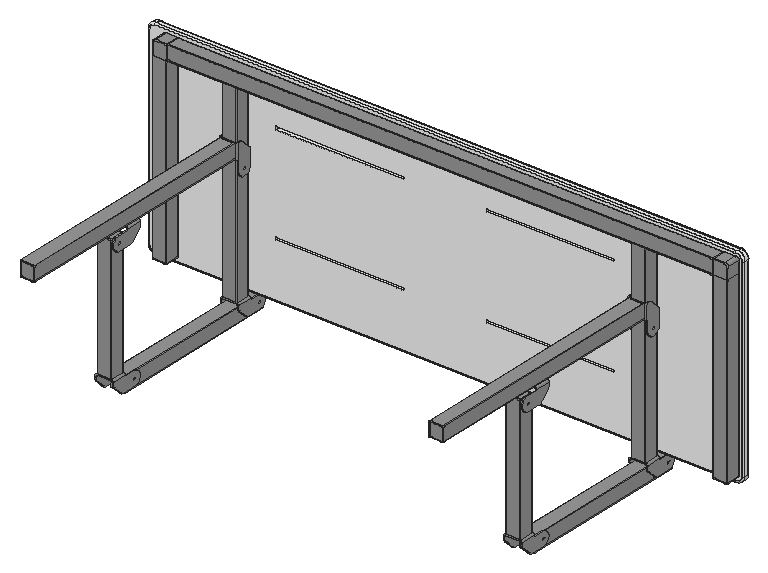
Revit family "Care Support Shower Seat", category Specialty Equipment, host Face, Revit 2020
Family settings
  Host = Face
  Round Connector Dimension = Use Radius
  Part Type = Normal
  OmniClass Number = 23.40.20.21.47
  OmniClass Title = Bath Grab Bars
  Cut with Voids When Loaded = No
  Shared = No
  Room Calculation Point = No
Parameters (values of type "CARE SUPPORT SHOWER SEAT - WHITE")
  URL = "https://www.caroma.com.au/"
  Model = "687397W"
  Material_Frame = GWA-Metal
  Material_Seat = GWA-Plastic-White
  Manufacturer = "GWA Bathrooms & Kitchens"  # constant formula
  Description = "CARE SUPPORT SHOWER SEAT - WHITE"
  Default Elevation = 1000 mm
  CreatedBy_ANZRS = "GWA Bathrooms & Kitchens"  # constant formula
  Assembly Code = "C1030220"
Reference planes
  plane 1 "Center (Front/Back)": y = 0
  plane 2: z = 0
  plane 3 "Center (Left/Right)": x = 0
Forms (mm)
  Extrusion 1, solid, material "GWA-Metal" <- "Material_Frame"
    sketch origin (363.8, 229.529, -11.779) x (0, 1, 0) y (0, 0, 1)
      loop
        line (-20.279, 39.529) -> (-38.029, 39.529)
        arc (-38.029, 39.529) -> (-39.09, 39.968) -> (-39.529, 41.029) r 1.5
        line (-39.529, 41.029) -> (-64.529, 41.029) -> (-64.529, 38.171)
        arc (-64.529, 38.171) -> (-63.768, 34.344) -> (-61.6, 31.1) r 10
        line (-61.6, 31.1) -> (-49.458, 18.958)
        arc (-49.458, 18.958) -> (-46.214, 16.79) -> (-42.387, 16.029) r 10
        line (-42.387, 16.029) -> (-20.279, 16.029)
        arc (-20.279, 16.029) -> (-8.529, 27.779) -> (-20.279, 39.529) r 11.75
      loop
        circle (-20.279, 27.779) r 3.1
    from 2 to 0
  Extrusion 2, solid, material "GWA-Metal" <- "Material_Frame"
    sketch origin (124.565, 0, -43.292) x (1, 0, 0) y (0, 0, 1)
      loop
        line (237.235, 76.542) -> (213.635, 76.542)
        arc (213.635, 76.542) -> (210.807, 75.37) -> (209.635, 72.542) r 4
        line (209.635, 72.542) -> (211.635, 72.542)
        arc (211.635, 72.542) -> (212.221, 73.956) -> (213.635, 74.542) r 2
        line (213.635, 74.542) -> (237.235, 74.542)
        arc (237.235, 74.542) -> (238.65, 73.956) -> (239.235, 72.542) r 2
        line (239.235, 72.542) -> (241.235, 72.542)
        arc (241.235, 72.542) -> (240.064, 75.37) -> (237.235, 76.542) r 4
    from -190 to -165
  Extrusion 3, solid, material "GWA-Metal" <- "Material_Frame"
    sketch origin (334.2, 229.529, -11.779) x (0, 1, 0) y (0, 0, 1)
      loop
        line (-20.279, 39.529) -> (-38.029, 39.529)
        arc (-38.029, 39.529) -> (-39.09, 39.968) -> (-39.529, 41.029) r 1.5
        line (-39.529, 41.029) -> (-64.529, 41.029) -> (-64.529, 38.171)
        arc (-64.529, 38.171) -> (-63.768, 34.344) -> (-61.6, 31.1) r 10
        line (-61.6, 31.1) -> (-49.458, 18.958)
        arc (-49.458, 18.958) -> (-46.214, 16.79) -> (-42.387, 16.029) r 10
        line (-42.387, 16.029) -> (-20.279, 16.029)
        arc (-20.279, 16.029) -> (-8.529, 27.779) -> (-20.279, 39.529) r 11.75
      loop
        circle (-20.279, 27.779) r 3.1
    from 2 to 0
  Extrusion 4, solid, material "GWA-Metal" <- "Material_Frame"
    sketch origin (293.112, 110.999, -264.5) x (1, 0, 0) y (0, 1, 0)
      loop
        arc (45.388, 79.001) -> (44.681, 78.708) -> (44.388, 78.001) r 1
        line (44.388, 78.001) -> (44.388, 55.001)
        arc (44.388, 55.001) -> (44.681, 54.294) -> (45.388, 54.001) r 1
        line (45.388, 54.001) -> (68.388, 54.001)
        arc (68.388, 54.001) -> (69.095, 54.294) -> (69.388, 55.001) r 1
        line (69.388, 55.001) -> (69.388, 78.001)
        arc (69.388, 78.001) -> (69.095, 78.708) -> (68.388, 79.001) r 1
        line (68.388, 79.001) -> (45.388, 79.001)
    from 511.75 to 297.75
  Extrusion 5, solid, material "GWA-Metal" <- "Material_Frame"
    sketch origin (293.112, 0, -24.501) x (1, 0, 0) y (0, 0, -1)
      loop
        line (45.388, -49.501) -> (68.388, -49.501)
        arc (68.388, -49.501) -> (69.095, -49.208) -> (69.388, -48.501) r 1
        line (69.388, -48.501) -> (69.388, -25.501)
        arc (69.388, -25.501) -> (69.095, -24.794) -> (68.388, -24.501) r 1
        line (68.388, -24.501) -> (45.388, -24.501)
        arc (45.388, -24.501) -> (44.681, -24.794) -> (44.388, -25.501) r 1
        line (44.388, -25.501) -> (44.388, -48.501)
        arc (44.388, -48.501) -> (44.681, -49.208) -> (45.388, -49.501) r 1
    from 489 to 195
  Extrusion 6, solid, material "GWA-Metal" <- "Material_Frame"
    sketch origin (293.112, 0, 230.499) x (1, 0, 0) y (0, 0, -1)
      loop
        line (45.388, -49.501) -> (68.388, -49.501)
        arc (68.388, -49.501) -> (69.095, -49.208) -> (69.388, -48.501) r 1
        line (69.388, -48.501) -> (69.388, -25.501)
        arc (69.388, -25.501) -> (69.095, -24.794) -> (68.388, -24.501) r 1
        line (68.388, -24.501) -> (45.388, -24.501)
        arc (45.388, -24.501) -> (44.681, -24.794) -> (44.388, -25.501) r 1
        line (44.388, -25.501) -> (44.388, -48.501)
        arc (44.388, -48.501) -> (44.681, -49.208) -> (45.388, -49.501) r 1
    from 428.25 to 1
  Extrusion 7, solid, material "GWA-Metal" <- "Material_Frame"
    sketch origin (293.112, 378.999, -264.5) x (1, 0, 0) y (0, 1, 0)
      loop
        arc (45.388, 79.001) -> (44.681, 78.708) -> (44.388, 78.001) r 1
        line (44.388, 78.001) -> (44.388, 55.001)
        arc (44.388, 55.001) -> (44.681, 54.294) -> (45.388, 54.001) r 1
        line (45.388, 54.001) -> (68.388, 54.001)
        arc (68.388, 54.001) -> (69.095, 54.294) -> (69.388, 55.001) r 1
        line (69.388, 55.001) -> (69.388, 78.001)
        arc (69.388, 78.001) -> (69.095, 78.708) -> (68.388, 79.001) r 1
        line (68.388, 79.001) -> (45.388, 79.001)
    from 627 to 297.75
  Extrusion 8, solid, material "GWA-Metal" <- "Material_Frame"
    sketch origin (363.8, 497.529, -11.779) x (0, 1, 0) y (0, 0, 1)
      loop
        line (-20.279, 39.529) -> (-38.029, 39.529)
        arc (-38.029, 39.529) -> (-39.09, 39.968) -> (-39.529, 41.029) r 1.5
        line (-39.529, 41.029) -> (-64.529, 41.029) -> (-64.529, 38.171)
        arc (-64.529, 38.171) -> (-63.768, 34.344) -> (-61.6, 31.1) r 10
        line (-61.6, 31.1) -> (-49.458, 18.958)
        arc (-49.458, 18.958) -> (-46.214, 16.79) -> (-42.387, 16.029) r 10
        line (-42.387, 16.029) -> (-20.279, 16.029)
        arc (-20.279, 16.029) -> (-8.529, 27.779) -> (-20.279, 39.529) r 11.75
      loop
        circle (-20.279, 27.779) r 3.1
    from 2 to 0
  Extrusion 9, solid, material "GWA-Metal" <- "Material_Frame"
    sketch origin (334.2, 497.529, -11.779) x (0, 1, 0) y (0, 0, 1)
      loop
        line (-20.279, 39.529) -> (-38.029, 39.529)
        arc (-38.029, 39.529) -> (-39.09, 39.968) -> (-39.529, 41.029) r 1.5
        line (-39.529, 41.029) -> (-64.529, 41.029) -> (-64.529, 38.171)
        arc (-64.529, 38.171) -> (-63.768, 34.344) -> (-61.6, 31.1) r 10
        line (-61.6, 31.1) -> (-49.458, 18.958)
        arc (-49.458, 18.958) -> (-46.214, 16.79) -> (-42.387, 16.029) r 10
        line (-42.387, 16.029) -> (-20.279, 16.029)
        arc (-20.279, 16.029) -> (-8.529, 27.779) -> (-20.279, 39.529) r 11.75
      loop
        circle (-20.279, 27.779) r 3.1
    from 2 to 0
  Extrusion 10, solid, material "GWA-Metal" <- "Material_Frame"
    sketch origin (124.565, 0, -43.292) x (1, 0, 0) y (0, 0, 1)
      loop
        line (237.235, 76.542) -> (213.635, 76.542)
        arc (213.635, 76.542) -> (210.807, 75.37) -> (209.635, 72.542) r 4
        line (209.635, 72.542) -> (211.635, 72.542)
        arc (211.635, 72.542) -> (212.221, 73.956) -> (213.635, 74.542) r 2
        line (213.635, 74.542) -> (237.235, 74.542)
        arc (237.235, 74.542) -> (238.65, 73.956) -> (239.235, 72.542) r 2
        line (239.235, 72.542) -> (241.235, 72.542)
        arc (241.235, 72.542) -> (240.064, 75.37) -> (237.235, 76.542) r 4
    from -458 to -433
  Extrusion 11, solid, material "GWA-Metal" <- "Material_Frame"
    sketch origin (363.8, 473.279, 215.471) x (0, 0, -1) y (0, 1, 0)
      loop
        arc (-20.279, -39.529) -> (-8.529, -27.779) -> (-20.279, -16.029) r 11.75
        line (-20.279, -16.029) -> (-42.387, -16.029)
        arc (-42.387, -16.029) -> (-46.214, -16.79) -> (-49.458, -18.958) r 10
        line (-49.458, -18.958) -> (-61.6, -31.1)
        arc (-61.6, -31.1) -> (-63.768, -34.344) -> (-64.529, -38.171) r 10
        line (-64.529, -38.171) -> (-64.529, -41.029) -> (-39.529, -41.029)
        arc (-39.529, -41.029) -> (-39.09, -39.968) -> (-38.029, -39.529) r 1.5
        line (-38.029, -39.529) -> (-20.279, -39.529)
      loop
        circle (-20.279, -27.779) r 3.1
    from 2 to 0
  Extrusion 12, solid, material "GWA-Metal" <- "Material_Frame"
    sketch origin (124.565, 504.792, 445) x (1, 0, 0) y (0, 1, 0)
      loop
        arc (237.235, -76.542) -> (240.064, -75.37) -> (241.235, -72.542) r 4
        line (241.235, -72.542) -> (239.235, -72.542)
        arc (239.235, -72.542) -> (238.65, -73.956) -> (237.235, -74.542) r 2
        line (237.235, -74.542) -> (213.635, -74.542)
        arc (213.635, -74.542) -> (212.221, -73.956) -> (211.635, -72.542) r 2
        line (211.635, -72.542) -> (209.635, -72.542)
        arc (209.635, -72.542) -> (210.807, -75.37) -> (213.635, -76.542) r 4
        line (213.635, -76.542) -> (237.235, -76.542)
    from -190 to -165
  Extrusion 13, solid, material "GWA-Metal" <- "Material_Frame"
    sketch origin (334.2, 473.279, 215.471) x (0, 0, -1) y (0, 1, 0)
      loop
        arc (-20.279, -39.529) -> (-8.529, -27.779) -> (-20.279, -16.029) r 11.75
        line (-20.279, -16.029) -> (-42.387, -16.029)
        arc (-42.387, -16.029) -> (-46.214, -16.79) -> (-49.458, -18.958) r 10
        line (-49.458, -18.958) -> (-61.6, -31.1)
        arc (-61.6, -31.1) -> (-63.768, -34.344) -> (-64.529, -38.171) r 10
        line (-64.529, -38.171) -> (-64.529, -41.029) -> (-39.529, -41.029)
        arc (-39.529, -41.029) -> (-39.09, -39.968) -> (-38.029, -39.529) r 1.5
        line (-38.029, -39.529) -> (-20.279, -39.529)
      loop
        circle (-20.279, -27.779) r 3.1
    from 2 to 0
  Extrusion 14, solid, material "GWA-Metal" <- "Material_Frame"
    sketch origin (363.8, 157.221, 209.971) x (0, -1, 0) y (0, 0, -1)
      loop
        arc (-20.279, -39.529) -> (-8.529, -27.779) -> (-20.279, -16.029) r 11.75
        line (-20.279, -16.029) -> (-42.387, -16.029)
        arc (-42.387, -16.029) -> (-46.214, -16.79) -> (-49.458, -18.958) r 10
        line (-49.458, -18.958) -> (-61.6, -31.1)
        arc (-61.6, -31.1) -> (-63.768, -34.344) -> (-64.529, -38.171) r 10
        line (-64.529, -38.171) -> (-64.529, -41.029) -> (-39.529, -41.029)
        arc (-39.529, -41.029) -> (-39.09, -39.968) -> (-38.029, -39.529) r 1.5
        line (-38.029, -39.529) -> (-20.279, -39.529)
      loop
        circle (-20.279, -27.779) r 3.1
    from 2 to 0
  Extrusion 15, solid, material "GWA-Metal" <- "Material_Frame"
    sketch origin (124.565, 386.75, 178.458) x (1, 0, 0) y (0, 0, -1)
      loop
        arc (237.235, -76.542) -> (240.064, -75.37) -> (241.235, -72.542) r 4
        line (241.235, -72.542) -> (239.235, -72.542)
        arc (239.235, -72.542) -> (238.65, -73.956) -> (237.235, -74.542) r 2
        line (237.235, -74.542) -> (213.635, -74.542)
        arc (213.635, -74.542) -> (212.221, -73.956) -> (211.635, -72.542) r 2
        line (211.635, -72.542) -> (209.635, -72.542)
        arc (209.635, -72.542) -> (210.807, -75.37) -> (213.635, -76.542) r 4
        line (213.635, -76.542) -> (237.235, -76.542)
    from -190 to -165
  Extrusion 16, solid, material "GWA-Metal" <- "Material_Frame"
    sketch origin (334.2, 157.221, 209.971) x (0, -1, 0) y (0, 0, -1)
      loop
        arc (-20.279, -39.529) -> (-8.529, -27.779) -> (-20.279, -16.029) r 11.75
        line (-20.279, -16.029) -> (-42.387, -16.029)
        arc (-42.387, -16.029) -> (-46.214, -16.79) -> (-49.458, -18.958) r 10
        line (-49.458, -18.958) -> (-61.6, -31.1)
        arc (-61.6, -31.1) -> (-63.768, -34.344) -> (-64.529, -38.171) r 10
        line (-64.529, -38.171) -> (-64.529, -41.029) -> (-39.529, -41.029)
        arc (-39.529, -41.029) -> (-39.09, -39.968) -> (-38.029, -39.529) r 1.5
        line (-38.029, -39.529) -> (-20.279, -39.529)
      loop
        circle (-20.279, -27.779) r 3.1
    from 2 to 0
  Extrusion 17, solid, material "GWA-Metal" <- "Material_Frame"
    sketch origin (20, 0, 0) x (1, 0, 0) y (0, 1, 0)
      loop
        arc (458.5, 458) -> (457.793, 457.707) -> (457.5, 457) r 1
        line (457.5, 457) -> (457.5, 434)
        arc (457.5, 434) -> (457.793, 433.293) -> (458.5, 433) r 1
        line (458.5, 433) -> (481.5, 433)
        arc (481.5, 433) -> (482.207, 433.293) -> (482.5, 434) r 1
        line (482.5, 434) -> (482.5, 457)
        arc (482.5, 457) -> (482.207, 457.707) -> (481.5, 458) r 1
        line (481.5, 458) -> (458.5, 458)
    from 51 to 362.5
  Extrusion 18, solid, material "GWA-Metal" <- "Material_Frame"
    sketch origin (0, 0, 0) x (1, 0, 0) y (0, 1, 0)
      loop
        arc (-481.5, 458) -> (-482.207, 457.707) -> (-482.5, 457) r 1
        line (-482.5, 457) -> (-482.5, 434)
        arc (-482.5, 434) -> (-482.207, 433.293) -> (-481.5, 433) r 1
        line (-481.5, 433) -> (-458.5, 433)
        arc (-458.5, 433) -> (-457.793, 433.293) -> (-457.5, 434) r 1
        line (-457.5, 434) -> (-457.5, 457)
        arc (-457.5, 457) -> (-457.793, 457.707) -> (-458.5, 458) r 1
        line (-458.5, 458) -> (-481.5, 458)
    from 362.5 to 51
  Extrusion 19, solid, material "GWA-Metal" <- "Material_Frame"
    sketch origin (0, 0, -117.765) x (0, 1, 0) y (0, 0, 1)
      loop
        arc (458, 504.265) -> (457.707, 504.972) -> (457, 505.265) r 1
        line (457, 505.265) -> (434, 505.265)
        arc (434, 505.265) -> (433.293, 504.972) -> (433, 504.265) r 1
        line (433, 504.265) -> (433, 481.265)
        arc (433, 481.265) -> (433.293, 480.558) -> (434, 480.265) r 1
        line (434, 480.265) -> (457, 480.265)
        arc (457, 480.265) -> (457.707, 480.558) -> (458, 481.265) r 1
        line (458, 481.265) -> (458, 504.265)
    from 477.5 to -457.5
  Sweep 20, solid, material "GWA-Metal" <- "Material_Frame"
    path origin (0, 0, -117.765) x (1, 0, 0) y (0, 0, 1)
      loop
        line (-482.5, 480.265) -> (-482.5, 500.265)
        arc (-482.5, 500.265) -> (-481.036, 503.8) -> (-477.5, 505.265) r 5
        line (-477.5, 505.265) -> (-457.5, 505.265)
    profile origin (-467.5, 0, 387.5) x (0, 0, 1) y (0, -1, 0)
      loop
        arc (-1, -458) -> (-0.293, -457.707) -> (0, -457) r 1
        line (0, -457) -> (0, -434)
        arc (0, -434) -> (-0.293, -433.293) -> (-1, -433) r 1
        line (-1, -433) -> (-1, -458)
  Extrusion 21, solid, material "GWA-Metal" <- "Material_Frame"
    sketch origin (0, 0, -117.765) x (1, 0, 0) y (0, 0, 1)
      loop
        line (-481.5, 500.265) -> (-481.5, 480.265) -> (-458.5, 480.265)
        arc (-458.5, 480.265) -> (-458.207, 480.972) -> (-457.5, 481.265) r 1
        line (-457.5, 481.265) -> (-457.5, 504.265) -> (-477.5, 504.265)
        arc (-477.5, 504.265) -> (-480.328, 503.093) -> (-481.5, 500.265) r 4
    from -458 to -433
  Revolve 22, solid, material "GWA-Metal" <- "Material_Frame"
    sketch origin (0, 0, 362.5) x (-1, 0, 0) y (0, -1, 0)
      loop
        arc (458.5, -433) -> (457.793, -433.293) -> (457.5, -434) r 1
        line (457.5, -434) -> (458.5, -434) -> (458.5, -433)
      axis (457.5, -433) -> (457.5, -434)
    angle from 270 to 360
  Revolve 23, solid, material "GWA-Metal" <- "Material_Frame"
    sketch origin (0, 891, 362.5) x (-1, 0, 0) y (0, 1, 0)
      loop
        arc (458.5, -433) -> (457.793, -433.293) -> (457.5, -434) r 1
        line (457.5, -434) -> (458.5, -434) -> (458.5, -433)
      axis (457.5, -433) -> (457.5, -434)
    angle from 270 to 360
  Sweep 24, solid, material "GWA-Metal" <- "Material_Frame"
    path origin (20, 0, -117.765) x (-1, 0, 0) y (0, 0, 1)
      loop
        line (-482.5, 480.265) -> (-482.5, 500.265)
        arc (-482.5, 500.265) -> (-481.036, 503.8) -> (-477.5, 505.265) r 5
        line (-477.5, 505.265) -> (-457.5, 505.265)
    profile origin (487.5, 0, 387.5) x (0, 0, -1) y (0, -1, 0)
      loop
        line (1, -458) -> (1, -433)
        arc (1, -433) -> (0.293, -433.293) -> (0, -434) r 1
        line (0, -434) -> (0, -457)
        arc (0, -457) -> (0.293, -457.707) -> (1, -458) r 1
  Extrusion 25, solid, material "GWA-Metal" <- "Material_Frame"
    sketch origin (20, 0, -117.765) x (-1, 0, 0) y (0, 0, -1)
      loop
        arc (-481.5, -500.265) -> (-480.328, -503.093) -> (-477.5, -504.265) r 4
        line (-477.5, -504.265) -> (-457.5, -504.265) -> (-457.5, -481.265)
        arc (-457.5, -481.265) -> (-458.207, -480.972) -> (-458.5, -480.265) r 1
        line (-458.5, -480.265) -> (-481.5, -480.265) -> (-481.5, -500.265)
    from -458 to -433
  Revolve 26, solid, material "GWA-Metal" <- "Material_Frame"
    sketch origin (20, 0, 362.5) x (1, 0, 0) y (0, -1, 0)
      loop
        arc (458.5, -433) -> (457.793, -433.293) -> (457.5, -434) r 1
        line (457.5, -434) -> (458.5, -434) -> (458.5, -433)
      axis (457.5, -433) -> (457.5, -434)
    angle from 270 to 360
  Revolve 27, solid, material "GWA-Metal" <- "Material_Frame"
    sketch origin (20, 891, 362.5) x (1, 0, 0) y (0, 1, 0)
      loop
        arc (458.5, -433) -> (457.793, -433.293) -> (457.5, -434) r 1
        line (457.5, -434) -> (458.5, -434) -> (458.5, -433)
      axis (457.5, -433) -> (457.5, -434)
    angle from 270 to 360
  Revolve 28, solid, material "GWA-Metal" <- "Material_Frame"
    sketch origin (338.5, 0, 0) x (0, 1, 0) y (0, 0, 1)
      loop
        arc (489, 0) -> (489.707, 0.293) -> (490, 1) r 1
        line (490, 1) -> (489, 1) -> (489, 0)
      axis (489, 1) -> (490, 1)
    angle from 0 to 90
  Revolve 29, solid, material "GWA-Metal" <- "Material_Frame"
    sketch origin (361.5, 0, 0) x (0, 1, 0) y (0, 0, -1)
      loop
        line (489, 0) -> (489, -1) -> (490, -1)
        arc (490, -1) -> (489.707, -0.293) -> (489, 0) r 1
      axis (489, -1) -> (490, -1)
    angle from 0 to 90
  Revolve 30, solid, material "GWA-Metal" <- "Material_Frame"
    sketch origin (338.5, 0, 25) x (0, 1, 0) y (0, 0, 1)
      loop
        line (489, 0) -> (489, -1) -> (490, -1)
        arc (490, -1) -> (489.707, -0.293) -> (489, 0) r 1
      axis (489, -1) -> (490, -1)
    angle from 0 to 90
  Revolve 31, solid, material "GWA-Metal" <- "Material_Frame"
    sketch origin (361.5, 0, 25) x (0, 1, 0) y (0, 0, -1)
      loop
        arc (489, 0) -> (489.707, 0.293) -> (490, 1) r 1
        line (490, 1) -> (489, 1) -> (489, 0)
      axis (489, 1) -> (490, 1)
    angle from 0 to 90
  Extrusion 32, solid, material "GWA-Metal" <- "Material_Frame"
    sketch origin (0, 0, 0) x (1, 0, 0) y (0, 0, 1)
      loop
        line (361.5, 24) -> (338.5, 24) -> (338.5, 1) -> (361.5, 1) -> (361.5, 24)
    from -490 to -489
  Extrusion 33, solid, material "GWA-Metal" <- "Material_Frame"
    sketch origin (0, 0, 0) x (0, 1, 0) y (0, 0, 1)
      loop
        arc (490, 24) -> (489.707, 24.707) -> (489, 25) r 1
        line (489, 25) -> (489, 24) -> (490, 24)
    from 361.5 to 338.5
  Extrusion 34, solid, material "GWA-Metal" <- "Material_Frame"
    sketch origin (0, 0, 25) x (0, 1, 0) y (0, 0, 1)
      loop
        line (490, -24) -> (489, -24) -> (489, -25)
        arc (489, -25) -> (489.707, -24.707) -> (490, -24) r 1
    from 361.5 to 338.5
  Extrusion 35, solid, material "GWA-Metal" <- "Material_Frame"
    sketch origin (362.5, 0, 350.5) x (1, 0, 0) y (0, 1, 0)
      loop
        arc (-24, 490) -> (-24.707, 489.707) -> (-25, 489) r 1
        line (-25, 489) -> (-24, 489) -> (-24, 490)
    from -326.5 to -349.5
  Extrusion 36, solid, material "GWA-Metal" <- "Material_Frame"
    sketch origin (337.5, 0, 350.5) x (1, 0, 0) y (0, 1, 0)
      loop
        line (24, 490) -> (24, 489) -> (25, 489)
        arc (25, 489) -> (24.707, 489.707) -> (24, 490) r 1
    from -326.5 to -349.5
  Revolve 37, solid, material "GWA-Metal" <- "Material_Frame"
    sketch origin (338.5, 190, -241.75) x (0, 0, 1) y (0, -1, 0)
      loop
        arc (489, 0) -> (489.707, 0.293) -> (490, 1) r 1
        line (490, 1) -> (489, 1) -> (489, 0)
      axis (489, 1) -> (490, 1)
    angle from 0 to 90
  Revolve 38, solid, material "GWA-Metal" <- "Material_Frame"
    sketch origin (361.5, 190, -241.75) x (0, 0, 1) y (0, 1, 0)
      loop
        line (489, 0) -> (489, -1) -> (490, -1)
        arc (490, -1) -> (489.707, -0.293) -> (489, 0) r 1
      axis (489, -1) -> (490, -1)
    angle from 0 to 90
  Revolve 39, solid, material "GWA-Metal" <- "Material_Frame"
    sketch origin (338.5, 165, -241.75) x (0, 0, 1) y (0, -1, 0)
      loop
        line (489, 0) -> (489, -1) -> (490, -1)
        arc (490, -1) -> (489.707, -0.293) -> (489, 0) r 1
      axis (489, -1) -> (490, -1)
    angle from 0 to 90
  Revolve 40, solid, material "GWA-Metal" <- "Material_Frame"
    sketch origin (361.5, 165, -241.75) x (0, 0, 1) y (0, 1, 0)
      loop
        arc (489, 0) -> (489.707, 0.293) -> (490, 1) r 1
        line (490, 1) -> (489, 1) -> (489, 0)
      axis (489, 1) -> (490, 1)
    angle from 0 to 90
  Extrusion 41, solid, material "GWA-Metal" <- "Material_Frame"
    sketch origin (0, 190, -245.779) x (0, -1, 0) y (1, 0, 0)
      loop
        line (24, 361.5) -> (1, 361.5) -> (1, 338.5) -> (24, 338.5) -> (24, 361.5)
    from 493.029 to 494.029
  Extrusion 42, solid, material "GWA-Metal" <- "Material_Frame"
    sketch origin (0, 190, -241.75) x (0, 0, 1) y (0, -1, 0)
      loop
        arc (490, 24) -> (489.707, 24.707) -> (489, 25) r 1
        line (489, 25) -> (489, 24) -> (490, 24)
    from 361.5 to 338.5
  Extrusion 43, solid, material "GWA-Metal" <- "Material_Frame"
    sketch origin (362.5, -248.5, -241.75) x (0, 0, 1) y (1, 0, 0)
      loop
        line (490, -24) -> (489, -24) -> (489, -25)
        arc (489, -25) -> (489.707, -24.707) -> (490, -24) r 1
    from 437.5 to 414.5
  Extrusion 44, solid, material "GWA-Metal" <- "Material_Frame"
    sketch origin (337.5, -248.5, -241.75) x (0, 0, 1) y (1, 0, 0)
      loop
        arc (490, 24) -> (489.707, 24.707) -> (489, 25) r 1
        line (489, 25) -> (489, 24) -> (490, 24)
    from 437.5 to 414.5
  Extrusion 45, solid, material "GWA-Metal" <- "Material_Frame"
    sketch origin (0, 165, -241.75) x (0, 0, 1) y (0, -1, 0)
      loop
        line (490, -24) -> (489, -24) -> (489, -25)
        arc (489, -25) -> (489.707, -24.707) -> (490, -24) r 1
    from 361.5 to 338.5
  Revolve 46, solid, material "GWA-Metal" <- "Material_Frame"
    sketch origin (338.5, 490, 255) x (0, -1, 0) y (0, 0, -1)
      loop
        line (489, 0) -> (489, -1) -> (490, -1)
        arc (490, -1) -> (489.707, -0.293) -> (489, 0) r 1
      axis (489, -1) -> (490, -1)
    angle from 0 to 90
  Revolve 47, solid, material "GWA-Metal" <- "Material_Frame"
    sketch origin (361.5, 490, 255) x (0, -1, 0) y (0, 0, 1)
      loop
        arc (489, 0) -> (489.707, 0.293) -> (490, 1) r 1
        line (490, 1) -> (489, 1) -> (489, 0)
      axis (489, 1) -> (490, 1)
    angle from 0 to 90
  Revolve 48, solid, material "GWA-Metal" <- "Material_Frame"
    sketch origin (338.5, 490, 280) x (0, -1, 0) y (0, 0, -1)
      loop
        arc (489, 0) -> (489.707, 0.293) -> (490, 1) r 1
        line (490, 1) -> (489, 1) -> (489, 0)
      axis (489, 1) -> (490, 1)
    angle from 0 to 90
  Revolve 49, solid, material "GWA-Metal" <- "Material_Frame"
    sketch origin (361.5, 490, 280) x (0, -1, 0) y (0, 0, 1)
      loop
        line (489, 0) -> (489, -1) -> (490, -1)
        arc (490, -1) -> (489.707, -0.293) -> (489, 0) r 1
      axis (489, -1) -> (490, -1)
    angle from 0 to 90
  Extrusion 50, solid, material "GWA-Metal" <- "Material_Frame"
    sketch origin (0, 490, 255) x (1, 0, 0) y (0, 0, -1)
      loop
        line (361.5, -24) -> (361.5, -1) -> (338.5, -1) -> (338.5, -24) -> (361.5, -24)
    from -490 to -489
  Extrusion 51, solid, material "GWA-Metal" <- "Material_Frame"
    sketch origin (0, 490, 255) x (0, -1, 0) y (0, 0, -1)
      loop
        line (490, -24) -> (489, -24) -> (489, -25)
        arc (489, -25) -> (489.707, -24.707) -> (490, -24) r 1
    from 361.5 to 338.5
  Extrusion 52, solid, material "GWA-Metal" <- "Material_Frame"
    sketch origin (0, 490, 280) x (0, -1, 0) y (0, 0, -1)
      loop
        arc (490, 24) -> (489.707, 24.707) -> (489, 25) r 1
        line (489, 25) -> (489, 24) -> (490, 24)
    from 361.5 to 338.5
  Extrusion 53, solid, material "GWA-Metal" <- "Material_Frame"
    sketch origin (362.5, 490, 605.5) x (-1, 0, 0) y (0, -1, 0)
      loop
        line (24, 490) -> (24, 489) -> (25, 489)
        arc (25, 489) -> (24.707, 489.707) -> (24, 490) r 1
    from -326.5 to -349.5
  Extrusion 54, solid, material "GWA-Metal" <- "Material_Frame"
    sketch origin (337.5, 490, 605.5) x (-1, 0, 0) y (0, -1, 0)
      loop
        arc (-24, 490) -> (-24.707, 489.707) -> (-25, 489) r 1
        line (-25, 489) -> (-24, 489) -> (-24, 490)
    from -326.5 to -349.5
  Revolve 55, solid, material "GWA-Metal" <- "Material_Frame"
    sketch origin (478.5, 458, 540) x (0, 0, -1) y (0, 1, 0)
      loop
        line (489, 0) -> (489, -1) -> (490, -1)
        arc (490, -1) -> (489.707, -0.293) -> (489, 0) r 1
      axis (489, -1) -> (490, -1)
    angle from 0 to 90
  Revolve 56, solid, material "GWA-Metal" <- "Material_Frame"
    sketch origin (501.5, 458, 540) x (0, 0, -1) y (0, -1, 0)
      loop
        arc (489, 0) -> (489.707, 0.293) -> (490, 1) r 1
        line (490, 1) -> (489, 1) -> (489, 0)
      axis (489, 1) -> (490, 1)
    angle from 0 to 90
  Revolve 57, solid, material "GWA-Metal" <- "Material_Frame"
    sketch origin (478.5, 433, 540) x (0, 0, -1) y (0, 1, 0)
      loop
        arc (489, 0) -> (489.707, 0.293) -> (490, 1) r 1
        line (490, 1) -> (489, 1) -> (489, 0)
      axis (489, 1) -> (490, 1)
    angle from 0 to 90
  Revolve 58, solid, material "GWA-Metal" <- "Material_Frame"
    sketch origin (501.5, 433, 540) x (0, 0, -1) y (0, -1, 0)
      loop
        line (489, 0) -> (489, -1) -> (490, -1)
        arc (490, -1) -> (489.707, -0.293) -> (489, 0) r 1
      axis (489, -1) -> (490, -1)
    angle from 0 to 90
  Extrusion 59, solid, material "GWA-Metal" <- "Material_Frame"
    sketch origin (120, 458, 544.029) x (1, 0, 0) y (0, 1, 0)
      loop
        line (381.5, -24) -> (381.5, -1) -> (358.5, -1) -> (358.5, -24) -> (381.5, -24)
    from -494.029 to -493.029
  Extrusion 60, solid, material "GWA-Metal" <- "Material_Frame"
    sketch origin (0, 458, 540) x (0, 0, -1) y (0, 1, 0)
      loop
        line (490, -24) -> (489, -24) -> (489, -25)
        arc (489, -25) -> (489.707, -24.707) -> (490, -24) r 1
    from 501.5 to 478.5
  Extrusion 61, solid, material "GWA-Metal" <- "Material_Frame"
    sketch origin (502.5, 19.5, 540) x (0, 0, -1) y (-1, 0, 0)
      loop
        arc (490, 24) -> (489.707, 24.707) -> (489, 25) r 1
        line (489, 25) -> (489, 24) -> (490, 24)
    from 437.5 to 414.5
  Extrusion 62, solid, material "GWA-Metal" <- "Material_Frame"
    sketch origin (477.5, 19.5, 540) x (0, 0, -1) y (-1, 0, 0)
      loop
        line (490, -24) -> (489, -24) -> (489, -25)
        arc (489, -25) -> (489.707, -24.707) -> (490, -24) r 1
    from 437.5 to 414.5
  Extrusion 63, solid, material "GWA-Metal" <- "Material_Frame"
    sketch origin (0, 433, 540) x (0, 0, -1) y (0, 1, 0)
      loop
        arc (490, 24) -> (489.707, 24.707) -> (489, 25) r 1
        line (489, 25) -> (489, 24) -> (490, 24)
    from 501.5 to 478.5
  Revolve 64, solid, material "GWA-Metal" <- "Material_Frame"
    sketch origin (-458.5, 458, 540) x (0, 0, -1) y (0, -1, 0)
      loop
        arc (489, 0) -> (489.707, 0.293) -> (490, 1) r 1
        line (490, 1) -> (489, 1) -> (489, 0)
      axis (489, 1) -> (490, 1)
    angle from 0 to 90
  Revolve 65, solid, material "GWA-Metal" <- "Material_Frame"
    sketch origin (-481.5, 458, 540) x (0, 0, -1) y (0, 1, 0)
      loop
        line (489, 0) -> (489, -1) -> (490, -1)
        arc (490, -1) -> (489.707, -0.293) -> (489, 0) r 1
      axis (489, -1) -> (490, -1)
    angle from 0 to 90
  Revolve 66, solid, material "GWA-Metal" <- "Material_Frame"
    sketch origin (-458.5, 433, 540) x (0, 0, -1) y (0, -1, 0)
      loop
        line (489, 0) -> (489, -1) -> (490, -1)
        arc (490, -1) -> (489.707, -0.293) -> (489, 0) r 1
      axis (489, -1) -> (490, -1)
    angle from 0 to 90
  Revolve 67, solid, material "GWA-Metal" <- "Material_Frame"
    sketch origin (-481.5, 433, 540) x (0, 0, -1) y (0, 1, 0)
      loop
        arc (489, 0) -> (489.707, 0.293) -> (490, 1) r 1
        line (490, 1) -> (489, 1) -> (489, 0)
      axis (489, 1) -> (490, 1)
    angle from 0 to 90
  Extrusion 68, solid, material "GWA-Metal" <- "Material_Frame"
    sketch origin (-120, 458, 544.029) x (-1, 0, 0) y (0, -1, 0)
      loop
        line (361.5, 24) -> (338.5, 24) -> (338.5, 1) -> (361.5, 1) -> (361.5, 24)
    from -494.029 to -493.029
  Extrusion 69, solid, material "GWA-Metal" <- "Material_Frame"
    sketch origin (0, 458, 540) x (0, 0, -1) y (0, -1, 0)
      loop
        arc (490, 24) -> (489.707, 24.707) -> (489, 25) r 1
        line (489, 25) -> (489, 24) -> (490, 24)
    from 481.5 to 458.5
  Extrusion 70, solid, material "GWA-Metal" <- "Material_Frame"
    sketch origin (-482.5, 19.5, 540) x (0, 0, -1) y (-1, 0, 0)
      loop
        line (490, -24) -> (489, -24) -> (489, -25)
        arc (489, -25) -> (489.707, -24.707) -> (490, -24) r 1
    from 437.5 to 414.5
  Extrusion 71, solid, material "GWA-Metal" <- "Material_Frame"
    sketch origin (-457.5, 19.5, 540) x (0, 0, -1) y (-1, 0, 0)
      loop
        arc (490, 24) -> (489.707, 24.707) -> (489, 25) r 1
        line (489, 25) -> (489, 24) -> (490, 24)
    from 437.5 to 414.5
  Extrusion 72, solid, material "GWA-Metal" <- "Material_Frame"
    sketch origin (0, 433, 540) x (0, 0, -1) y (0, -1, 0)
      loop
        line (490, -24) -> (489, -24) -> (489, -25)
        arc (489, -25) -> (489.707, -24.707) -> (490, -24) r 1
    from 481.5 to 458.5
  Extrusion 73, solid, material "GWA-Metal" <- "Material_Frame"
    sketch origin (-363.8, 229.529, -11.779) x (0, 1, 0) y (0, 0, -1)
      loop
        arc (-20.279, -39.529) -> (-8.529, -27.779) -> (-20.279, -16.029) r 11.75
        line (-20.279, -16.029) -> (-42.387, -16.029)
        arc (-42.387, -16.029) -> (-46.214, -16.79) -> (-49.458, -18.958) r 10
        line (-49.458, -18.958) -> (-61.6, -31.1)
        arc (-61.6, -31.1) -> (-63.768, -34.344) -> (-64.529, -38.171) r 10
        line (-64.529, -38.171) -> (-64.529, -41.029) -> (-39.529, -41.029)
        arc (-39.529, -41.029) -> (-39.09, -39.968) -> (-38.029, -39.529) r 1.5
        line (-38.029, -39.529) -> (-20.279, -39.529)
      loop
        circle (-20.279, -27.779) r 3.1
    from 2 to 0
  Extrusion 74, solid, material "GWA-Metal" <- "Material_Frame"
    sketch origin (-124.565, 0, -43.292) x (-1, 0, 0) y (0, 0, -1)
      loop
        arc (237.235, -76.542) -> (240.064, -75.37) -> (241.235, -72.542) r 4
        line (241.235, -72.542) -> (239.235, -72.542)
        arc (239.235, -72.542) -> (238.65, -73.956) -> (237.235, -74.542) r 2
        line (237.235, -74.542) -> (213.635, -74.542)
        arc (213.635, -74.542) -> (212.221, -73.956) -> (211.635, -72.542) r 2
        line (211.635, -72.542) -> (209.635, -72.542)
        arc (209.635, -72.542) -> (210.807, -75.37) -> (213.635, -76.542) r 4
        line (213.635, -76.542) -> (237.235, -76.542)
    from -190 to -165
  Extrusion 75, solid, material "GWA-Metal" <- "Material_Frame"
    sketch origin (-334.2, 229.529, -11.779) x (0, 1, 0) y (0, 0, -1)
      loop
        arc (-20.279, -39.529) -> (-8.529, -27.779) -> (-20.279, -16.029) r 11.75
        line (-20.279, -16.029) -> (-42.387, -16.029)
        arc (-42.387, -16.029) -> (-46.214, -16.79) -> (-49.458, -18.958) r 10
        line (-49.458, -18.958) -> (-61.6, -31.1)
        arc (-61.6, -31.1) -> (-63.768, -34.344) -> (-64.529, -38.171) r 10
        line (-64.529, -38.171) -> (-64.529, -41.029) -> (-39.529, -41.029)
        arc (-39.529, -41.029) -> (-39.09, -39.968) -> (-38.029, -39.529) r 1.5
        line (-38.029, -39.529) -> (-20.279, -39.529)
      loop
        circle (-20.279, -27.779) r 3.1
    from 2 to 0
  Extrusion 76, solid, material "GWA-Metal" <- "Material_Frame"
    sketch origin (-293.112, 110.999, -264.5) x (-1, 0, 0) y (0, -1, 0)
      loop
        line (45.388, -79.001) -> (68.388, -79.001)
        arc (68.388, -79.001) -> (69.095, -78.708) -> (69.388, -78.001) r 1
        line (69.388, -78.001) -> (69.388, -55.001)
        arc (69.388, -55.001) -> (69.095, -54.294) -> (68.388, -54.001) r 1
        line (68.388, -54.001) -> (45.388, -54.001)
        arc (45.388, -54.001) -> (44.681, -54.294) -> (44.388, -55.001) r 1
        line (44.388, -55.001) -> (44.388, -78.001)
        arc (44.388, -78.001) -> (44.681, -78.708) -> (45.388, -79.001) r 1
    from 511.75 to 297.75
  Extrusion 77, solid, material "GWA-Metal" <- "Material_Frame"
    sketch origin (-293.112, 0, -24.501) x (-1, 0, 0) y (0, 0, 1)
      loop
        arc (45.388, 49.501) -> (44.681, 49.208) -> (44.388, 48.501) r 1
        line (44.388, 48.501) -> (44.388, 25.501)
        arc (44.388, 25.501) -> (44.681, 24.794) -> (45.388, 24.501) r 1
        line (45.388, 24.501) -> (68.388, 24.501)
        arc (68.388, 24.501) -> (69.095, 24.794) -> (69.388, 25.501) r 1
        line (69.388, 25.501) -> (69.388, 48.501)
        arc (69.388, 48.501) -> (69.095, 49.208) -> (68.388, 49.501) r 1
        line (68.388, 49.501) -> (45.388, 49.501)
    from 489 to 195
  Extrusion 78, solid, material "GWA-Metal" <- "Material_Frame"
    sketch origin (-293.112, 0, 230.499) x (-1, 0, 0) y (0, 0, 1)
      loop
        arc (45.388, 49.501) -> (44.681, 49.208) -> (44.388, 48.501) r 1
        line (44.388, 48.501) -> (44.388, 25.501)
        arc (44.388, 25.501) -> (44.681, 24.794) -> (45.388, 24.501) r 1
        line (45.388, 24.501) -> (68.388, 24.501)
        arc (68.388, 24.501) -> (69.095, 24.794) -> (69.388, 25.501) r 1
        line (69.388, 25.501) -> (69.388, 48.501)
        arc (69.388, 48.501) -> (69.095, 49.208) -> (68.388, 49.501) r 1
        line (68.388, 49.501) -> (45.388, 49.501)
    from 428.25 to 1
  Extrusion 79, solid, material "GWA-Metal" <- "Material_Frame"
    sketch origin (-293.112, 378.999, -264.5) x (-1, 0, 0) y (0, -1, 0)
      loop
        line (45.388, -79.001) -> (68.388, -79.001)
        arc (68.388, -79.001) -> (69.095, -78.708) -> (69.388, -78.001) r 1
        line (69.388, -78.001) -> (69.388, -55.001)
        arc (69.388, -55.001) -> (69.095, -54.294) -> (68.388, -54.001) r 1
        line (68.388, -54.001) -> (45.388, -54.001)
        arc (45.388, -54.001) -> (44.681, -54.294) -> (44.388, -55.001) r 1
        line (44.388, -55.001) -> (44.388, -78.001)
        arc (44.388, -78.001) -> (44.681, -78.708) -> (45.388, -79.001) r 1
    from 627 to 297.75
  Extrusion 80, solid, material "GWA-Metal" <- "Material_Frame"
    sketch origin (-363.8, 497.529, -11.779) x (0, 1, 0) y (0, 0, -1)
      loop
        arc (-20.279, -39.529) -> (-8.529, -27.779) -> (-20.279, -16.029) r 11.75
        line (-20.279, -16.029) -> (-42.387, -16.029)
        arc (-42.387, -16.029) -> (-46.214, -16.79) -> (-49.458, -18.958) r 10
        line (-49.458, -18.958) -> (-61.6, -31.1)
        arc (-61.6, -31.1) -> (-63.768, -34.344) -> (-64.529, -38.171) r 10
        line (-64.529, -38.171) -> (-64.529, -41.029) -> (-39.529, -41.029)
        arc (-39.529, -41.029) -> (-39.09, -39.968) -> (-38.029, -39.529) r 1.5
        line (-38.029, -39.529) -> (-20.279, -39.529)
      loop
        circle (-20.279, -27.779) r 3.1
    from 2 to 0
  Extrusion 81, solid, material "GWA-Metal" <- "Material_Frame"
    sketch origin (-334.2, 497.529, -11.779) x (0, 1, 0) y (0, 0, -1)
      loop
        arc (-20.279, -39.529) -> (-8.529, -27.779) -> (-20.279, -16.029) r 11.75
        line (-20.279, -16.029) -> (-42.387, -16.029)
        arc (-42.387, -16.029) -> (-46.214, -16.79) -> (-49.458, -18.958) r 10
        line (-49.458, -18.958) -> (-61.6, -31.1)
        arc (-61.6, -31.1) -> (-63.768, -34.344) -> (-64.529, -38.171) r 10
        line (-64.529, -38.171) -> (-64.529, -41.029) -> (-39.529, -41.029)
        arc (-39.529, -41.029) -> (-39.09, -39.968) -> (-38.029, -39.529) r 1.5
        line (-38.029, -39.529) -> (-20.279, -39.529)
      loop
        circle (-20.279, -27.779) r 3.1
    from 2 to 0
  Extrusion 82, solid, material "GWA-Metal" <- "Material_Frame"
    sketch origin (-124.565, 0, -43.292) x (-1, 0, 0) y (0, 0, -1)
      loop
        arc (237.235, -76.542) -> (240.064, -75.37) -> (241.235, -72.542) r 4
        line (241.235, -72.542) -> (239.235, -72.542)
        arc (239.235, -72.542) -> (238.65, -73.956) -> (237.235, -74.542) r 2
        line (237.235, -74.542) -> (213.635, -74.542)
        arc (213.635, -74.542) -> (212.221, -73.956) -> (211.635, -72.542) r 2
        line (211.635, -72.542) -> (209.635, -72.542)
        arc (209.635, -72.542) -> (210.807, -75.37) -> (213.635, -76.542) r 4
        line (213.635, -76.542) -> (237.235, -76.542)
    from -458 to -433
  Extrusion 83, solid, material "GWA-Metal" <- "Material_Frame"
    sketch origin (-363.8, 473.279, 215.471) x (0, 0, -1) y (0, -1, 0)
      loop
        line (-20.279, 39.529) -> (-38.029, 39.529)
        arc (-38.029, 39.529) -> (-39.09, 39.968) -> (-39.529, 41.029) r 1.5
        line (-39.529, 41.029) -> (-64.529, 41.029) -> (-64.529, 38.171)
        arc (-64.529, 38.171) -> (-63.768, 34.344) -> (-61.6, 31.1) r 10
        line (-61.6, 31.1) -> (-49.458, 18.958)
        arc (-49.458, 18.958) -> (-46.214, 16.79) -> (-42.387, 16.029) r 10
        line (-42.387, 16.029) -> (-20.279, 16.029)
        arc (-20.279, 16.029) -> (-8.529, 27.779) -> (-20.279, 39.529) r 11.75
      loop
        circle (-20.279, 27.779) r 3.1
    from 2 to 0
  Extrusion 84, solid, material "GWA-Metal" <- "Material_Frame"
    sketch origin (-124.565, 504.792, 445) x (-1, 0, 0) y (0, -1, 0)
      loop
        line (237.235, 76.542) -> (213.635, 76.542)
        arc (213.635, 76.542) -> (210.807, 75.37) -> (209.635, 72.542) r 4
        line (209.635, 72.542) -> (211.635, 72.542)
        arc (211.635, 72.542) -> (212.221, 73.956) -> (213.635, 74.542) r 2
        line (213.635, 74.542) -> (237.235, 74.542)
        arc (237.235, 74.542) -> (238.65, 73.956) -> (239.235, 72.542) r 2
        line (239.235, 72.542) -> (241.235, 72.542)
        arc (241.235, 72.542) -> (240.064, 75.37) -> (237.235, 76.542) r 4
    from -190 to -165
  Extrusion 85, solid, material "GWA-Metal" <- "Material_Frame"
    sketch origin (-334.2, 473.279, 215.471) x (0, 0, -1) y (0, -1, 0)
      loop
        line (-20.279, 39.529) -> (-38.029, 39.529)
        arc (-38.029, 39.529) -> (-39.09, 39.968) -> (-39.529, 41.029) r 1.5
        line (-39.529, 41.029) -> (-64.529, 41.029) -> (-64.529, 38.171)
        arc (-64.529, 38.171) -> (-63.768, 34.344) -> (-61.6, 31.1) r 10
        line (-61.6, 31.1) -> (-49.458, 18.958)
        arc (-49.458, 18.958) -> (-46.214, 16.79) -> (-42.387, 16.029) r 10
        line (-42.387, 16.029) -> (-20.279, 16.029)
        arc (-20.279, 16.029) -> (-8.529, 27.779) -> (-20.279, 39.529) r 11.75
      loop
        circle (-20.279, 27.779) r 3.1
    from 2 to 0
  Extrusion 86, solid, material "GWA-Metal" <- "Material_Frame"
    sketch origin (-363.8, 157.221, 209.971) x (0, -1, 0) y (0, 0, 1)
      loop
        line (-20.279, 39.529) -> (-38.029, 39.529)
        arc (-38.029, 39.529) -> (-39.09, 39.968) -> (-39.529, 41.029) r 1.5
        line (-39.529, 41.029) -> (-64.529, 41.029) -> (-64.529, 38.171)
        arc (-64.529, 38.171) -> (-63.768, 34.344) -> (-61.6, 31.1) r 10
        line (-61.6, 31.1) -> (-49.458, 18.958)
        arc (-49.458, 18.958) -> (-46.214, 16.79) -> (-42.387, 16.029) r 10
        line (-42.387, 16.029) -> (-20.279, 16.029)
        arc (-20.279, 16.029) -> (-8.529, 27.779) -> (-20.279, 39.529) r 11.75
      loop
        circle (-20.279, 27.779) r 3.1
    from 2 to 0
  Extrusion 87, solid, material "GWA-Metal" <- "Material_Frame"
    sketch origin (-124.565, 386.75, 178.458) x (-1, 0, 0) y (0, 0, 1)
      loop
        line (237.235, 76.542) -> (213.635, 76.542)
        arc (213.635, 76.542) -> (210.807, 75.37) -> (209.635, 72.542) r 4
        line (209.635, 72.542) -> (211.635, 72.542)
        arc (211.635, 72.542) -> (212.221, 73.956) -> (213.635, 74.542) r 2
        line (213.635, 74.542) -> (237.235, 74.542)
        arc (237.235, 74.542) -> (238.65, 73.956) -> (239.235, 72.542) r 2
        line (239.235, 72.542) -> (241.235, 72.542)
        arc (241.235, 72.542) -> (240.064, 75.37) -> (237.235, 76.542) r 4
    from -190 to -165
  Extrusion 88, solid, material "GWA-Metal" <- "Material_Frame"
    sketch origin (-334.2, 157.221, 209.971) x (0, -1, 0) y (0, 0, 1)
      loop
        line (-20.279, 39.529) -> (-38.029, 39.529)
        arc (-38.029, 39.529) -> (-39.09, 39.968) -> (-39.529, 41.029) r 1.5
        line (-39.529, 41.029) -> (-64.529, 41.029) -> (-64.529, 38.171)
        arc (-64.529, 38.171) -> (-63.768, 34.344) -> (-61.6, 31.1) r 10
        line (-61.6, 31.1) -> (-49.458, 18.958)
        arc (-49.458, 18.958) -> (-46.214, 16.79) -> (-42.387, 16.029) r 10
        line (-42.387, 16.029) -> (-20.279, 16.029)
        arc (-20.279, 16.029) -> (-8.529, 27.779) -> (-20.279, 39.529) r 11.75
      loop
        circle (-20.279, 27.779) r 3.1
    from 2 to 0
  Revolve 89, solid, material "GWA-Metal" <- "Material_Frame"
    sketch origin (-338.5, 0, 0) x (0, 1, 0) y (0, 0, -1)
      loop
        line (489, 0) -> (489, -1) -> (490, -1)
        arc (490, -1) -> (489.707, -0.293) -> (489, 0) r 1
      axis (489, -1) -> (490, -1)
    angle from 0 to 90
  Revolve 90, solid, material "GWA-Metal" <- "Material_Frame"
    sketch origin (-361.5, 0, 0) x (0, 1, 0) y (0, 0, 1)
      loop
        arc (489, 0) -> (489.707, 0.293) -> (490, 1) r 1
        line (490, 1) -> (489, 1) -> (489, 0)
      axis (489, 1) -> (490, 1)
    angle from 0 to 90
  Revolve 91, solid, material "GWA-Metal" <- "Material_Frame"
    sketch origin (-338.5, 0, 25) x (0, 1, 0) y (0, 0, -1)
      loop
        arc (489, 0) -> (489.707, 0.293) -> (490, 1) r 1
        line (490, 1) -> (489, 1) -> (489, 0)
      axis (489, 1) -> (490, 1)
    angle from 0 to 90
  Revolve 92, solid, material "GWA-Metal" <- "Material_Frame"
    sketch origin (-361.5, 0, 25) x (0, 1, 0) y (0, 0, 1)
      loop
        line (489, 0) -> (489, -1) -> (490, -1)
        arc (490, -1) -> (489.707, -0.293) -> (489, 0) r 1
      axis (489, -1) -> (490, -1)
    angle from 0 to 90
  Extrusion 93, solid, material "GWA-Metal" <- "Material_Frame"
    sketch origin (0, 0, 0) x (-1, 0, 0) y (0, 0, -1)
      loop
        line (361.5, -24) -> (361.5, -1) -> (338.5, -1) -> (338.5, -24) -> (361.5, -24)
    from -490 to -489
  Extrusion 94, solid, material "GWA-Metal" <- "Material_Frame"
    sketch origin (0, 0, 0) x (0, 1, 0) y (0, 0, -1)
      loop
        line (490, -24) -> (489, -24) -> (489, -25)
        arc (489, -25) -> (489.707, -24.707) -> (490, -24) r 1
    from 361.5 to 338.5
  Extrusion 95, solid, material "GWA-Metal" <- "Material_Frame"
    sketch origin (0, 0, 25) x (0, 1, 0) y (0, 0, -1)
      loop
        arc (490, 24) -> (489.707, 24.707) -> (489, 25) r 1
        line (489, 25) -> (489, 24) -> (490, 24)
    from 361.5 to 338.5
  Extrusion 96, solid, material "GWA-Metal" <- "Material_Frame"
    sketch origin (-362.5, 0, 350.5) x (1, 0, 0) y (0, 1, 0)
      loop
        line (24, 490) -> (24, 489) -> (25, 489)
        arc (25, 489) -> (24.707, 489.707) -> (24, 490) r 1
    from -326.5 to -349.5
  Extrusion 97, solid, material "GWA-Metal" <- "Material_Frame"
    sketch origin (-337.5, 0, 350.5) x (1, 0, 0) y (0, 1, 0)
      loop
        arc (-24, 490) -> (-24.707, 489.707) -> (-25, 489) r 1
        line (-25, 489) -> (-24, 489) -> (-24, 490)
    from -326.5 to -349.5
  Revolve 98, solid, material "GWA-Metal" <- "Material_Frame"
    sketch origin (-338.5, 190, -241.75) x (0, 0, 1) y (0, 1, 0)
      loop
        line (489, 0) -> (489, -1) -> (490, -1)
        arc (490, -1) -> (489.707, -0.293) -> (489, 0) r 1
      axis (489, -1) -> (490, -1)
    angle from 0 to 90
  Revolve 99, solid, material "GWA-Metal" <- "Material_Frame"
    sketch origin (-361.5, 190, -241.75) x (0, 0, 1) y (0, -1, 0)
      loop
        arc (489, 0) -> (489.707, 0.293) -> (490, 1) r 1
        line (490, 1) -> (489, 1) -> (489, 0)
      axis (489, 1) -> (490, 1)
    angle from 0 to 90
  Revolve 100, solid, material "GWA-Metal" <- "Material_Frame"
    sketch origin (-338.5, 165, -241.75) x (0, 0, 1) y (0, 1, 0)
      loop
        arc (489, 0) -> (489.707, 0.293) -> (490, 1) r 1
        line (490, 1) -> (489, 1) -> (489, 0)
      axis (489, 1) -> (490, 1)
    angle from 0 to 90
  Revolve 101, solid, material "GWA-Metal" <- "Material_Frame"
    sketch origin (-361.5, 165, -241.75) x (0, 0, 1) y (0, -1, 0)
      loop
        line (489, 0) -> (489, -1) -> (490, -1)
        arc (490, -1) -> (489.707, -0.293) -> (489, 0) r 1
      axis (489, -1) -> (490, -1)
    angle from 0 to 90
  Extrusion 102, solid, material "GWA-Metal" <- "Material_Frame"
    sketch origin (0, 190, -245.779) x (0, 1, 0) y (-1, 0, 0)
      loop
        line (-24, 361.5) -> (-24, 338.5) -> (-1, 338.5) -> (-1, 361.5) -> (-24, 361.5)
    from 493.029 to 494.029
  Extrusion 103, solid, material "GWA-Metal" <- "Material_Frame"
    sketch origin (0, 190, -241.75) x (0, 0, 1) y (0, 1, 0)
      loop
        line (490, -24) -> (489, -24) -> (489, -25)
        arc (489, -25) -> (489.707, -24.707) -> (490, -24) r 1
    from 361.5 to 338.5
  Extrusion 104, solid, material "GWA-Metal" <- "Material_Frame"
    sketch origin (-362.5, -248.5, -241.75) x (0, 0, 1) y (1, 0, 0)
      loop
        arc (490, 24) -> (489.707, 24.707) -> (489, 25) r 1
        line (489, 25) -> (489, 24) -> (490, 24)
    from 437.5 to 414.5
  Extrusion 105, solid, material "GWA-Metal" <- "Material_Frame"
    sketch origin (-337.5, -248.5, -241.75) x (0, 0, 1) y (1, 0, 0)
      loop
        line (490, -24) -> (489, -24) -> (489, -25)
        arc (489, -25) -> (489.707, -24.707) -> (490, -24) r 1
    from 437.5 to 414.5
  Extrusion 106, solid, material "GWA-Metal" <- "Material_Frame"
    sketch origin (0, 165, -241.75) x (0, 0, 1) y (0, 1, 0)
      loop
        arc (490, 24) -> (489.707, 24.707) -> (489, 25) r 1
        line (489, 25) -> (489, 24) -> (490, 24)
    from 361.5 to 338.5
  Revolve 107, solid, material "GWA-Metal" <- "Material_Frame"
    sketch origin (-338.5, 490, 255) x (0, -1, 0) y (0, 0, 1)
      loop
        arc (489, 0) -> (489.707, 0.293) -> (490, 1) r 1
        line (490, 1) -> (489, 1) -> (489, 0)
      axis (489, 1) -> (490, 1)
    angle from 0 to 90
  Revolve 108, solid, material "GWA-Metal" <- "Material_Frame"
    sketch origin (-361.5, 490, 255) x (0, -1, 0) y (0, 0, -1)
      loop
        line (489, 0) -> (489, -1) -> (490, -1)
        arc (490, -1) -> (489.707, -0.293) -> (489, 0) r 1
      axis (489, -1) -> (490, -1)
    angle from 0 to 90
  Revolve 109, solid, material "GWA-Metal" <- "Material_Frame"
    sketch origin (-338.5, 490, 280) x (0, -1, 0) y (0, 0, 1)
      loop
        line (489, 0) -> (489, -1) -> (490, -1)
        arc (490, -1) -> (489.707, -0.293) -> (489, 0) r 1
      axis (489, -1) -> (490, -1)
    angle from 0 to 90
  Revolve 110, solid, material "GWA-Metal" <- "Material_Frame"
    sketch origin (-361.5, 490, 280) x (0, -1, 0) y (0, 0, -1)
      loop
        arc (489, 0) -> (489.707, 0.293) -> (490, 1) r 1
        line (490, 1) -> (489, 1) -> (489, 0)
      axis (489, 1) -> (490, 1)
    angle from 0 to 90
  Extrusion 111, solid, material "GWA-Metal" <- "Material_Frame"
    sketch origin (0, 490, 255) x (-1, 0, 0) y (0, 0, 1)
      loop
        line (361.5, 24) -> (338.5, 24) -> (338.5, 1) -> (361.5, 1) -> (361.5, 24)
    from -490 to -489
  Extrusion 112, solid, material "GWA-Metal" <- "Material_Frame"
    sketch origin (0, 490, 255) x (0, -1, 0) y (0, 0, 1)
      loop
        arc (490, 24) -> (489.707, 24.707) -> (489, 25) r 1
        line (489, 25) -> (489, 24) -> (490, 24)
    from 361.5 to 338.5
  Extrusion 113, solid, material "GWA-Metal" <- "Material_Frame"
    sketch origin (0, 490, 280) x (0, -1, 0) y (0, 0, 1)
      loop
        line (490, -24) -> (489, -24) -> (489, -25)
        arc (489, -25) -> (489.707, -24.707) -> (490, -24) r 1
    from 361.5 to 338.5
  Extrusion 114, solid, material "GWA-Metal" <- "Material_Frame"
    sketch origin (-362.5, 490, 605.5) x (-1, 0, 0) y (0, -1, 0)
      loop
        arc (-24, 490) -> (-24.707, 489.707) -> (-25, 489) r 1
        line (-25, 489) -> (-24, 489) -> (-24, 490)
    from -326.5 to -349.5
  Extrusion 115, solid, material "GWA-Metal" <- "Material_Frame"
    sketch origin (-337.5, 490, 605.5) x (-1, 0, 0) y (0, -1, 0)
      loop
        line (24, 490) -> (24, 489) -> (25, 489)
        arc (25, 489) -> (24.707, 489.707) -> (24, 490) r 1
    from -326.5 to -349.5
  Extrusion 116, solid, material "GWA-Plastic-White" <- "Material_Seat"
    sketch origin (0, 0, 0) x (1, 0, 0) y (0, 0, 1)
      loop
        line (497.5, 395) -> (-497.5, 395)
        arc (-497.5, 395) -> (-506.339, 391.339) -> (-510, 382.5) r 12.5
        line (-510, 382.5) -> (-510, 52.5)
        arc (-510, 52.5) -> (-506.339, 43.661) -> (-497.5, 40) r 12.5
        line (-497.5, 40) -> (497.5, 40)
        arc (497.5, 40) -> (506.339, 43.661) -> (510, 52.5) r 12.5
        line (510, 52.5) -> (510, 382.5)
        arc (510, 382.5) -> (506.339, 391.339) -> (497.5, 395) r 12.5
      loop
        arc (507.5, 382.5) -> (504.571, 389.571) -> (497.5, 392.5) r 10
        line (497.5, 392.5) -> (-497.5, 392.5)
        arc (-497.5, 392.5) -> (-504.571, 389.571) -> (-507.5, 382.5) r 10
        line (-507.5, 382.5) -> (-507.5, 52.5)
        arc (-507.5, 52.5) -> (-504.571, 45.429) -> (-497.5, 42.5) r 10
        line (-497.5, 42.5) -> (497.5, 42.5)
        arc (497.5, 42.5) -> (504.571, 45.429) -> (507.5, 52.5) r 10
        line (507.5, 52.5) -> (507.5, 382.5)
    from -467.5 to -460.5
  Sweep 117, solid, material "GWA-Plastic-White" <- "Material_Seat"
    path origin (0, 470, 0) x (0, 0, 1) y (1, 0, 0)
      loop
        line (395, -497.5) -> (395, 497.5)
        arc (395, 497.5) -> (391.339, 506.339) -> (382.5, 510) r 12.5
        line (382.5, 510) -> (52.5, 510)
        arc (52.5, 510) -> (43.661, 506.339) -> (40, 497.5) r 12.5
        line (40, 497.5) -> (40, -497.5)
        arc (40, -497.5) -> (43.661, -506.339) -> (52.5, -510) r 12.5
        line (52.5, -510) -> (382.5, -510)
        arc (382.5, -510) -> (391.339, -506.339) -> (395, -497.5) r 12.5
    profile origin (0, 470, 395) x (0, 0, -1) y (0, 1, 0)
      loop
        line (0, -2.5) -> (2.5, -2.5) -> (2.5, 0)
        arc (2.5, 0) -> (0.732, -0.732) -> (0, -2.5) r 2.5
  Sweep 118, solid, material "GWA-Plastic-White" <- "Material_Seat"
    path origin (0, 458, 0) x (0, 0, 1) y (-1, 0, 0)
      loop
        arc (395, 497.5) -> (391.339, 506.339) -> (382.5, 510) r 12.5
        line (382.5, 510) -> (52.5, 510)
        arc (52.5, 510) -> (43.661, 506.339) -> (40, 497.5) r 12.5
        line (40, 497.5) -> (40, -497.5)
        arc (40, -497.5) -> (43.661, -506.339) -> (52.5, -510) r 12.5
        line (52.5, -510) -> (382.5, -510)
        arc (382.5, -510) -> (391.339, -506.339) -> (395, -497.5) r 12.5
        line (395, -497.5) -> (395, 497.5)
    profile origin (0, 458, 395) x (0, 0, 1) y (0, -1, 0)
      loop
        arc (0, -2.5) -> (-0.732, -0.732) -> (-2.5, 0) r 2.5
        line (-2.5, 0) -> (-2.5, -2.5) -> (0, -2.5)
  Extrusion 119, solid, material "GWA-Plastic-White" <- "Material_Seat"
    sketch origin (0, 470, 0) x (0, 0, 1) y (1, 0, 0)
      loop
        arc (392.5, 497.5) -> (389.571, 504.571) -> (382.5, 507.5) r 10
        line (382.5, 507.5) -> (52.5, 507.5)
        arc (52.5, 507.5) -> (45.429, 504.571) -> (42.5, 497.5) r 10
        line (42.5, 497.5) -> (42.5, -497.5)
        arc (42.5, -497.5) -> (45.429, -504.571) -> (52.5, -507.5) r 10
        line (52.5, -507.5) -> (382.5, -507.5)
        arc (382.5, -507.5) -> (389.571, -504.571) -> (392.5, -497.5) r 10
        line (392.5, -497.5) -> (392.5, 497.5)
      loop
        line (310, 70) -> (310, 290) -> (305, 290) -> (305, 70) -> (310, 70)
      loop
        line (140, 70) -> (140, 290) -> (135, 290) -> (135, 70) -> (140, 70)
      loop
        line (310, -70) -> (305, -70) -> (305, -290) -> (310, -290) -> (310, -70)
      loop
        line (140, -70) -> (135, -70) -> (135, -290) -> (140, -290) -> (140, -70)
    from -12 to 0
Lines and regions (mm)
  Masking region 1
    outline origin (0, 470, 500) x (0, 0, 1) y (1, 0, 0)
      loop
        arc (-105, 497.5) -> (-108.661, 506.339) -> (-117.5, 510) r 12.5
        line (-117.5, 510) -> (-447.5, 510)
        arc (-447.5, 510) -> (-456.339, 506.339) -> (-460, 497.5) r 12.5
        line (-460, 497.5) -> (-460, 362.5) -> (-466.812, 362.5)
        arc (-466.812, 362.5) -> (-468.181, 364.866) -> (-470.75, 365.8) r 4
        line (-470.75, 365.8) -> (-495.75, 365.8) -> (-495.75, 363.8) -> (-470.75, 363.8)
        arc (-470.75, 363.8) -> (-469.336, 363.214) -> (-468.75, 361.8) r 2
        line (-468.75, 361.8) -> (-468.75, 338.2)
        arc (-468.75, 338.2) -> (-469.336, 336.786) -> (-470.75, 336.2) r 2
        line (-470.75, 336.2) -> (-495.75, 336.2) -> (-495.75, 334.2) -> (-470.75, 334.2)
        arc (-470.75, 334.2) -> (-468.181, 335.134) -> (-466.812, 337.5) r 4
        line (-466.812, 337.5) -> (-460, 337.5) -> (-460, -337.5) -> (-466.812, -337.5)
        arc (-466.812, -337.5) -> (-468.181, -335.134) -> (-470.75, -334.2) r 4
        line (-470.75, -334.2) -> (-495.75, -334.2) -> (-495.75, -336.2) -> (-470.75, -336.2)
        arc (-470.75, -336.2) -> (-469.336, -336.786) -> (-468.75, -338.2) r 2
        line (-468.75, -338.2) -> (-468.75, -361.8)
        arc (-468.75, -361.8) -> (-469.336, -363.214) -> (-470.75, -363.8) r 2
        line (-470.75, -363.8) -> (-495.75, -363.8) -> (-495.75, -365.8) -> (-470.75, -365.8)
        arc (-470.75, -365.8) -> (-468.181, -364.866) -> (-466.812, -362.5) r 4
        line (-466.812, -362.5) -> (-460, -362.5) -> (-460, -497.5)
        arc (-460, -497.5) -> (-456.339, -506.339) -> (-447.5, -510) r 12.5
        line (-447.5, -510) -> (-117.5, -510)
        arc (-117.5, -510) -> (-108.661, -506.339) -> (-105, -497.5) r 12.5
        line (-105, -497.5) -> (-105, 497.5)
      loop
        line (-195, 290) -> (-195, 70) -> (-190, 70) -> (-190, 290) -> (-195, 290)
      loop
        line (-195, -290) -> (-190, -290) -> (-190, -70) -> (-195, -70) -> (-195, -290)
      loop
        line (-360, -70) -> (-365, -70) -> (-365, -290) -> (-360, -290) -> (-360, -70)
      loop
        line (-365, 290) -> (-365, 70) -> (-360, 70) -> (-360, 290) -> (-365, 290)
      loop
        arc (-475, 361.5) -> (-475.293, 362.207) -> (-476, 362.5) r 1
        line (-476, 362.5) -> (-499, 362.5)
        arc (-499, 362.5) -> (-499.707, 362.207) -> (-500, 361.5) r 1
        line (-500, 361.5) -> (-500, 338.5)
        arc (-500, 338.5) -> (-499.707, 337.793) -> (-499, 337.5) r 1
        line (-499, 337.5) -> (-476, 337.5)
        arc (-476, 337.5) -> (-475.293, 337.793) -> (-475, 338.5) r 1
        line (-475, 338.5) -> (-475, 361.5)
      loop
        line (-475, -361.5) -> (-475, -338.5)
        arc (-475, -338.5) -> (-475.293, -337.793) -> (-476, -337.5) r 1
        line (-476, -337.5) -> (-499, -337.5)
        arc (-499, -337.5) -> (-499.707, -337.793) -> (-500, -338.5) r 1
        line (-500, -338.5) -> (-500, -361.5)
        arc (-500, -361.5) -> (-499.707, -362.207) -> (-499, -362.5) r 1
        line (-499, -362.5) -> (-476, -362.5)
